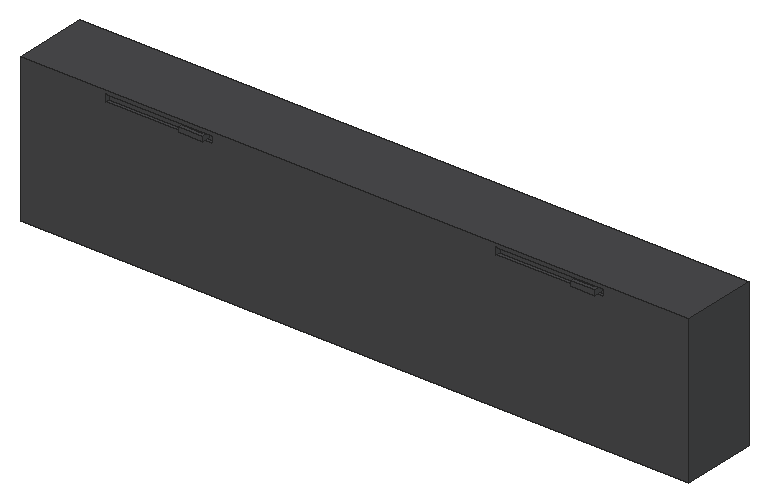
Revit family "DOT BLOCK CEILLING 328_DTSM15W3.1.15", category Luminarias, Revit 2019
Family settings
  Cota de conector redondo = Diámetro de uso
  Tipo de pieza = Normal
  Se basa en plano de trabajo = Sí
  Siempre vertical = Sí
  Corte con vacíos al cargar = No
  Origen de luz = Sí
  Compartido = No
  Punto de cálculo de habitación = No
Parameters (values of type "DOT BLOCK SURFACE 328_DM15W3.3.15")
  Ángulo de inclinación = 60.00°
  Zone [instance] = ""
  Watt per fixture = 15
  Wattage = 15 W
  built-in parameter 1150107 = 3000 (stored number, unit not read)
  built-in parameter 1150110 = 1 (stored number, unit not read)
  built-in parameter 1150109 = 1 (stored number, unit not read)
  built-in parameter 1150112 = 1 (stored number, unit not read)
  built-in parameter 1150113 = 1 (stored number, unit not read)
  built-in parameter 1114218 = 1 (stored number, unit not read)
  Keynote = ""
  built-in parameter 1150137 = (empty or 0)
  built-in parameter 1150132 = (empty or 0)
  Modelo = "DM15W3.3.15"
  Lámpara = "3030SMD PHILIPS"
  built-in parameter 1150105 = 6294.1 (stored number, unit not read)
  built-in parameter 1150102 = (empty or 0)
  built-in parameter 1150106 = 62.941 (stored number, unit not read)
  Lumens = 1290 lm
  Color Filter = 16777215
  built-in parameter 1114217 = 1 (stored number, unit not read)
  built-in parameter 1150139 = (empty or 0)
  Fabricante = "BRILLANT"
  Default Elevation = 1219.2 mm
  built-in parameter 1150104 = 7.9897 (stored number, unit not read)
  Descripción = "LUMINARIA DOWNLIGHT EN FORMATO RECTANGULAR PARA EMPOTRAR DIRECTO EN PLAFON, CUERPO DE ALUMINIO ACABADO EN COLOR NEGRO, IP 20, PESO 0.84Kg, TIPO DE LED 3030SMD PHILIPS CON 15W TOTAL, 1300 LUMENES, 86LM/W, IRC 90, TEMPERATURA EN BLANCO CALIDO 3000K, 50 MIL HORAS DE VIDA PROMEDIO, APERTURA DE 15 GRADOS POR PROYECTO, ALIMENTADO A 90-240V"
  built-in parameter 1150115 = 1 (stored number, unit not read)
  built-in parameter 1150114 = 1 (stored number, unit not read)
  Comentarios de vataje = "90-240V"
  built-in parameter 1150138 = (empty or 0)
  built-in parameter 1150134 = (empty or 0)
  Circuit [instance] = ""
  Dimming Lamp Color Temperature Shift = (empty or 0)
  Archivo de red fotométrica = "L328A-15W-830-B-15_IESNA95.IES"
  built-in parameter 1150133 = 10 (stored number, unit not read)
Reference planes
  plane 1 "Centro (Frontal/Posterior)": y = 0
  plane 2: z = 0
  plane 3 "Centro (Izquierda/Derecha)": x = 0
Forms (mm)
  Extrusion 1, solid, material "Default Form", not visible
    sketch origin (0, 0, 0) x (1, 0, 0) y (0, 0, 1)
      loop
        line (-473, 0) -> (-473, -72) -> (473, -72) -> (473, 0) -> (-473, 0)
    from -18.326 to 18.326
  Blend 2, void, not visible
    base sketch origin (-293.63, 0, 0) x (1, 0, 0) y (0, 1, 0)
      loop
        line (-162, 16.149) -> (-162, -16.149) -> (-144.14, -16.149) -> (-144.14, 16.149) -> (-162, 16.149)
    top sketch origin (-293.63, 0, 0) x (1, 0, 0) y (0, 1, 0)
      loop
        line (-160, 12.149) -> (-160, -12.149) -> (-146.14, -12.149) -> (-146.14, 12.149) -> (-160, 12.149)
    from -72 to -61.591
  Blend 3, void, not visible
    base sketch origin (-267.33, 0, 0) x (1, 0, 0) y (0, 1, 0)
      loop
        line (-162, 16.149) -> (-162, -16.149) -> (-144.14, -16.149) -> (-144.14, 16.149) -> (-162, 16.149)
    top sketch origin (-267.33, 0, 0) x (1, 0, 0) y (0, 1, 0)
      loop
        line (-160, 12.149) -> (-160, -12.149) -> (-146.14, -12.149) -> (-146.14, 12.149) -> (-160, 12.149)
    from -72 to -61.591
  Blend 4, void, not visible
    base sketch origin (-241.03, 0, 0) x (1, 0, 0) y (0, 1, 0)
      loop
        line (-162, 16.149) -> (-162, -16.149) -> (-144.14, -16.149) -> (-144.14, 16.149) -> (-162, 16.149)
    top sketch origin (-241.03, 0, 0) x (1, 0, 0) y (0, 1, 0)
      loop
        line (-160, 12.149) -> (-160, -12.149) -> (-146.14, -12.149) -> (-146.14, 12.149) -> (-160, 12.149)
    from -72 to -61.591
  Blend 5, void, not visible
    base sketch origin (-214.73, 0, 0) x (1, 0, 0) y (0, 1, 0)
      loop
        line (-162, 16.149) -> (-162, -16.149) -> (-144.14, -16.149) -> (-144.14, 16.149) -> (-162, 16.149)
    top sketch origin (-214.73, 0, 0) x (1, 0, 0) y (0, 1, 0)
      loop
        line (-160, 12.149) -> (-160, -12.149) -> (-146.14, -12.149) -> (-146.14, 12.149) -> (-160, 12.149)
    from -72 to -61.591
  Blend 6, void, not visible
    base sketch origin (-188.43, 0, 0) x (1, 0, 0) y (0, 1, 0)
      loop
        line (-162, 16.149) -> (-162, -16.149) -> (-144.14, -16.149) -> (-144.14, 16.149) -> (-162, 16.149)
    top sketch origin (-188.43, 0, 0) x (1, 0, 0) y (0, 1, 0)
      loop
        line (-160, 12.149) -> (-160, -12.149) -> (-146.14, -12.149) -> (-146.14, 12.149) -> (-160, 12.149)
    from -72 to -61.591
  Blend 7, void, not visible
    base sketch origin (-162.13, 0, 0) x (1, 0, 0) y (0, 1, 0)
      loop
        line (-162, 16.149) -> (-162, -16.149) -> (-144.14, -16.149) -> (-144.14, 16.149) -> (-162, 16.149)
    top sketch origin (-162.13, 0, 0) x (1, 0, 0) y (0, 1, 0)
      loop
        line (-160, 12.149) -> (-160, -12.149) -> (-146.14, -12.149) -> (-146.14, 12.149) -> (-160, 12.149)
    from -72 to -61.591
  Blend 8, void, not visible
    base sketch origin (-135.83, 0, 0) x (1, 0, 0) y (0, 1, 0)
      loop
        line (-162, 16.149) -> (-162, -16.149) -> (-144.14, -16.149) -> (-144.14, 16.149) -> (-162, 16.149)
    top sketch origin (-135.83, 0, 0) x (1, 0, 0) y (0, 1, 0)
      loop
        line (-160, 12.149) -> (-160, -12.149) -> (-146.14, -12.149) -> (-146.14, 12.149) -> (-160, 12.149)
    from -72 to -61.591
  Blend 9, void, not visible
    base sketch origin (-109.53, 0, 0) x (1, 0, 0) y (0, 1, 0)
      loop
        line (-162, 16.149) -> (-162, -16.149) -> (-144.14, -16.149) -> (-144.14, 16.149) -> (-162, 16.149)
    top sketch origin (-109.53, 0, 0) x (1, 0, 0) y (0, 1, 0)
      loop
        line (-160, 12.149) -> (-160, -12.149) -> (-146.14, -12.149) -> (-146.14, 12.149) -> (-160, 12.149)
    from -72 to -61.591
  Blend 10, void, not visible
    base sketch origin (-83.23, 0, 0) x (1, 0, 0) y (0, 1, 0)
      loop
        line (-162, 16.149) -> (-162, -16.149) -> (-144.14, -16.149) -> (-144.14, 16.149) -> (-162, 16.149)
    top sketch origin (-83.23, 0, 0) x (1, 0, 0) y (0, 1, 0)
      loop
        line (-160, 12.149) -> (-160, -12.149) -> (-146.14, -12.149) -> (-146.14, 12.149) -> (-160, 12.149)
    from -72 to -61.591
  Blend 11, void, not visible
    base sketch origin (-56.93, 0, 0) x (1, 0, 0) y (0, 1, 0)
      loop
        line (-162, 16.149) -> (-162, -16.149) -> (-144.14, -16.149) -> (-144.14, 16.149) -> (-162, 16.149)
    top sketch origin (-56.93, 0, 0) x (1, 0, 0) y (0, 1, 0)
      loop
        line (-160, 12.149) -> (-160, -12.149) -> (-146.14, -12.149) -> (-146.14, 12.149) -> (-160, 12.149)
    from -72 to -61.591
  Blend 12, void, not visible
    base sketch origin (-30.63, 0, 0) x (1, 0, 0) y (0, 1, 0)
      loop
        line (-162, 16.149) -> (-162, -16.149) -> (-144.14, -16.149) -> (-144.14, 16.149) -> (-162, 16.149)
    top sketch origin (-30.63, 0, 0) x (1, 0, 0) y (0, 1, 0)
      loop
        line (-160, 12.149) -> (-160, -12.149) -> (-146.14, -12.149) -> (-146.14, 12.149) -> (-160, 12.149)
    from -72 to -61.591
  Blend 13, void, not visible
    base sketch origin (-4.33, 0, 0) x (1, 0, 0) y (0, 1, 0)
      loop
        line (-162, 16.149) -> (-162, -16.149) -> (-144.14, -16.149) -> (-144.14, 16.149) -> (-162, 16.149)
    top sketch origin (-4.33, 0, 0) x (1, 0, 0) y (0, 1, 0)
      loop
        line (-160, 12.149) -> (-160, -12.149) -> (-146.14, -12.149) -> (-146.14, 12.149) -> (-160, 12.149)
    from -72 to -61.591
  Blend 14, void, not visible
    base sketch origin (21.97, 0, 0) x (1, 0, 0) y (0, 1, 0)
      loop
        line (-162, 16.149) -> (-162, -16.149) -> (-144.14, -16.149) -> (-144.14, 16.149) -> (-162, 16.149)
    top sketch origin (21.97, 0, 0) x (1, 0, 0) y (0, 1, 0)
      loop
        line (-160, 12.149) -> (-160, -12.149) -> (-146.14, -12.149) -> (-146.14, 12.149) -> (-160, 12.149)
    from -72 to -61.591
  Blend 15, void, not visible
    base sketch origin (48.27, 0, 0) x (1, 0, 0) y (0, 1, 0)
      loop
        line (-162, 16.149) -> (-162, -16.149) -> (-144.14, -16.149) -> (-144.14, 16.149) -> (-162, 16.149)
    top sketch origin (48.27, 0, 0) x (1, 0, 0) y (0, 1, 0)
      loop
        line (-160, 12.149) -> (-160, -12.149) -> (-146.14, -12.149) -> (-146.14, 12.149) -> (-160, 12.149)
    from -72 to -61.591
  Blend 16, void, not visible
    base sketch origin (74.57, 0, 0) x (1, 0, 0) y (0, 1, 0)
      loop
        line (-162, 16.149) -> (-162, -16.149) -> (-144.14, -16.149) -> (-144.14, 16.149) -> (-162, 16.149)
    top sketch origin (74.57, 0, 0) x (1, 0, 0) y (0, 1, 0)
      loop
        line (-160, 12.149) -> (-160, -12.149) -> (-146.14, -12.149) -> (-146.14, 12.149) -> (-160, 12.149)
    from -72 to -61.591
  Blend 17, void, not visible
    base sketch origin (100.87, 0, 0) x (1, 0, 0) y (0, 1, 0)
      loop
        line (-162, 16.149) -> (-162, -16.149) -> (-144.14, -16.149) -> (-144.14, 16.149) -> (-162, 16.149)
    top sketch origin (100.87, 0, 0) x (1, 0, 0) y (0, 1, 0)
      loop
        line (-160, 12.149) -> (-160, -12.149) -> (-146.14, -12.149) -> (-146.14, 12.149) -> (-160, 12.149)
    from -72 to -61.591
  Blend 18, void, not visible
    base sketch origin (127.17, 0, 0) x (1, 0, 0) y (0, 1, 0)
      loop
        line (-162, 16.149) -> (-162, -16.149) -> (-144.14, -16.149) -> (-144.14, 16.149) -> (-162, 16.149)
    top sketch origin (127.17, 0, 0) x (1, 0, 0) y (0, 1, 0)
      loop
        line (-160, 12.149) -> (-160, -12.149) -> (-146.14, -12.149) -> (-146.14, 12.149) -> (-160, 12.149)
    from -72 to -61.591
  Blend 19, void, not visible
    base sketch origin (153.47, 0, 0) x (1, 0, 0) y (0, 1, 0)
      loop
        line (-162, 16.149) -> (-162, -16.149) -> (-144.14, -16.149) -> (-144.14, 16.149) -> (-162, 16.149)
    top sketch origin (153.47, 0, 0) x (1, 0, 0) y (0, 1, 0)
      loop
        line (-160, 12.149) -> (-160, -12.149) -> (-146.14, -12.149) -> (-146.14, 12.149) -> (-160, 12.149)
    from -72 to -61.591
  Blend 20, void, not visible
    base sketch origin (179.77, 0, 0) x (1, 0, 0) y (0, 1, 0)
      loop
        line (-162, 16.149) -> (-162, -16.149) -> (-144.14, -16.149) -> (-144.14, 16.149) -> (-162, 16.149)
    top sketch origin (179.77, 0, 0) x (1, 0, 0) y (0, 1, 0)
      loop
        line (-160, 12.149) -> (-160, -12.149) -> (-146.14, -12.149) -> (-146.14, 12.149) -> (-160, 12.149)
    from -72 to -61.591
  Blend 21, void, not visible
    base sketch origin (206.07, 0, 0) x (1, 0, 0) y (0, 1, 0)
      loop
        line (-162, 16.149) -> (-162, -16.149) -> (-144.14, -16.149) -> (-144.14, 16.149) -> (-162, 16.149)
    top sketch origin (206.07, 0, 0) x (1, 0, 0) y (0, 1, 0)
      loop
        line (-160, 12.149) -> (-160, -12.149) -> (-146.14, -12.149) -> (-146.14, 12.149) -> (-160, 12.149)
    from -72 to -61.591
  Blend 22, void, not visible
    base sketch origin (232.37, 0, 0) x (1, 0, 0) y (0, 1, 0)
      loop
        line (-162, 16.149) -> (-162, -16.149) -> (-144.14, -16.149) -> (-144.14, 16.149) -> (-162, 16.149)
    top sketch origin (232.37, 0, 0) x (1, 0, 0) y (0, 1, 0)
      loop
        line (-160, 12.149) -> (-160, -12.149) -> (-146.14, -12.149) -> (-146.14, 12.149) -> (-160, 12.149)
    from -72 to -61.591
  Blend 23, void, not visible
    base sketch origin (258.67, 0, 0) x (1, 0, 0) y (0, 1, 0)
      loop
        line (-162, 16.149) -> (-162, -16.149) -> (-144.14, -16.149) -> (-144.14, 16.149) -> (-162, 16.149)
    top sketch origin (258.67, 0, 0) x (1, 0, 0) y (0, 1, 0)
      loop
        line (-160, 12.149) -> (-160, -12.149) -> (-146.14, -12.149) -> (-146.14, 12.149) -> (-160, 12.149)
    from -72 to -61.591
  Blend 24, void, not visible
    base sketch origin (284.97, 0, 0) x (1, 0, 0) y (0, 1, 0)
      loop
        line (-162, 16.149) -> (-162, -16.149) -> (-144.14, -16.149) -> (-144.14, 16.149) -> (-162, 16.149)
    top sketch origin (284.97, 0, 0) x (1, 0, 0) y (0, 1, 0)
      loop
        line (-160, 12.149) -> (-160, -12.149) -> (-146.14, -12.149) -> (-146.14, 12.149) -> (-160, 12.149)
    from -72 to -61.591
  Blend 25, void, not visible
    base sketch origin (311.27, 0, 0) x (1, 0, 0) y (0, 1, 0)
      loop
        line (-162, 16.149) -> (-162, -16.149) -> (-144.14, -16.149) -> (-144.14, 16.149) -> (-162, 16.149)
    top sketch origin (311.27, 0, 0) x (1, 0, 0) y (0, 1, 0)
      loop
        line (-160, 12.149) -> (-160, -12.149) -> (-146.14, -12.149) -> (-146.14, 12.149) -> (-160, 12.149)
    from -72 to -61.591
  Blend 26, void, not visible
    base sketch origin (337.57, 0, 0) x (1, 0, 0) y (0, 1, 0)
      loop
        line (-162, 16.149) -> (-162, -16.149) -> (-144.14, -16.149) -> (-144.14, 16.149) -> (-162, 16.149)
    top sketch origin (337.57, 0, 0) x (1, 0, 0) y (0, 1, 0)
      loop
        line (-160, 12.149) -> (-160, -12.149) -> (-146.14, -12.149) -> (-146.14, 12.149) -> (-160, 12.149)
    from -72 to -61.591
  Blend 27, void, not visible
    base sketch origin (363.87, 0, 0) x (1, 0, 0) y (0, 1, 0)
      loop
        line (-162, 16.149) -> (-162, -16.149) -> (-144.14, -16.149) -> (-144.14, 16.149) -> (-162, 16.149)
    top sketch origin (363.87, 0, 0) x (1, 0, 0) y (0, 1, 0)
      loop
        line (-160, 12.149) -> (-160, -12.149) -> (-146.14, -12.149) -> (-146.14, 12.149) -> (-160, 12.149)
    from -72 to -61.591
  Blend 28, void, not visible
    base sketch origin (390.17, 0, 0) x (1, 0, 0) y (0, 1, 0)
      loop
        line (-162, 16.149) -> (-162, -16.149) -> (-144.14, -16.149) -> (-144.14, 16.149) -> (-162, 16.149)
    top sketch origin (390.17, 0, 0) x (1, 0, 0) y (0, 1, 0)
      loop
        line (-160, 12.149) -> (-160, -12.149) -> (-146.14, -12.149) -> (-146.14, 12.149) -> (-160, 12.149)
    from -72 to -61.591
  Blend 29, void, not visible
    base sketch origin (416.47, 0, 0) x (1, 0, 0) y (0, 1, 0)
      loop
        line (-162, 16.149) -> (-162, -16.149) -> (-144.14, -16.149) -> (-144.14, 16.149) -> (-162, 16.149)
    top sketch origin (416.47, 0, 0) x (1, 0, 0) y (0, 1, 0)
      loop
        line (-160, 12.149) -> (-160, -12.149) -> (-146.14, -12.149) -> (-146.14, 12.149) -> (-160, 12.149)
    from -72 to -61.591
  Blend 30, void, not visible
    base sketch origin (442.77, 0, 0) x (1, 0, 0) y (0, 1, 0)
      loop
        line (-162, 16.149) -> (-162, -16.149) -> (-144.14, -16.149) -> (-144.14, 16.149) -> (-162, 16.149)
    top sketch origin (442.77, 0, 0) x (1, 0, 0) y (0, 1, 0)
      loop
        line (-160, 12.149) -> (-160, -12.149) -> (-146.14, -12.149) -> (-146.14, 12.149) -> (-160, 12.149)
    from -72 to -61.591
  Blend 31, void, not visible
    base sketch origin (469.07, 0, 0) x (1, 0, 0) y (0, 1, 0)
      loop
        line (-162, 16.149) -> (-162, -16.149) -> (-144.14, -16.149) -> (-144.14, 16.149) -> (-162, 16.149)
    top sketch origin (469.07, 0, 0) x (1, 0, 0) y (0, 1, 0)
      loop
        line (-160, 12.149) -> (-160, -12.149) -> (-146.14, -12.149) -> (-146.14, 12.149) -> (-160, 12.149)
    from -72 to -61.591
  Blend 32, void, not visible
    base sketch origin (495.37, 0, 0) x (1, 0, 0) y (0, 1, 0)
      loop
        line (-162, 16.149) -> (-162, -16.149) -> (-144.14, -16.149) -> (-144.14, 16.149) -> (-162, 16.149)
    top sketch origin (495.37, 0, 0) x (1, 0, 0) y (0, 1, 0)
      loop
        line (-160, 12.149) -> (-160, -12.149) -> (-146.14, -12.149) -> (-146.14, 12.149) -> (-160, 12.149)
    from -72 to -61.591
  Blend 33, void, not visible
    base sketch origin (521.67, 0, 0) x (1, 0, 0) y (0, 1, 0)
      loop
        line (-162, 16.149) -> (-162, -16.149) -> (-144.14, -16.149) -> (-144.14, 16.149) -> (-162, 16.149)
    top sketch origin (521.67, 0, 0) x (1, 0, 0) y (0, 1, 0)
      loop
        line (-160, 12.149) -> (-160, -12.149) -> (-146.14, -12.149) -> (-146.14, 12.149) -> (-160, 12.149)
    from -72 to -61.591
  Blend 34, void, not visible
    base sketch origin (547.97, 0, 0) x (1, 0, 0) y (0, 1, 0)
      loop
        line (-162, 16.149) -> (-162, -16.149) -> (-144.14, -16.149) -> (-144.14, 16.149) -> (-162, 16.149)
    top sketch origin (547.97, 0, 0) x (1, 0, 0) y (0, 1, 0)
      loop
        line (-160, 12.149) -> (-160, -12.149) -> (-146.14, -12.149) -> (-146.14, 12.149) -> (-160, 12.149)
    from -72 to -61.591
  Blend 35, void, not visible
    base sketch origin (574.27, 0, 0) x (1, 0, 0) y (0, 1, 0)
      loop
        line (-162, 16.149) -> (-162, -16.149) -> (-144.14, -16.149) -> (-144.14, 16.149) -> (-162, 16.149)
    top sketch origin (574.27, 0, 0) x (1, 0, 0) y (0, 1, 0)
      loop
        line (-160, 12.149) -> (-160, -12.149) -> (-146.14, -12.149) -> (-146.14, 12.149) -> (-160, 12.149)
    from -72 to -61.591
  Blend 36, void, not visible
    base sketch origin (600.57, 0, 0) x (1, 0, 0) y (0, 1, 0)
      loop
        line (-162, 16.149) -> (-162, -16.149) -> (-144.14, -16.149) -> (-144.14, 16.149) -> (-162, 16.149)
    top sketch origin (600.57, 0, 0) x (1, 0, 0) y (0, 1, 0)
      loop
        line (-160, 12.149) -> (-160, -12.149) -> (-146.14, -12.149) -> (-146.14, 12.149) -> (-160, 12.149)
    from -72 to -61.591
  Extrusion 37, solid, not visible
    sketch origin (-463.861, 0, 3.217) x (0, -1, 0) y (0, 0, -1)
      loop
        line (18.326, 3.217) -> (-18.326, 3.217) -> (-18.326, 73.917) -> (-32.183, 73.917) -> (-32.183, 72.617) -> (-19.626, 72.617) -> (-19.626, 1.917) -> (19.626, 1.917) -> (19.626, 72.617) -> (32.183, 72.617) -> (32.183, 73.917) -> (18.326, 73.917) -> (18.326, 3.217)
    from 89.098 to 128.24
  Extrusion 38, solid, not visible
    sketch origin (-246.523, 0, 3.217) x (0, -1, 0) y (0, 0, 1)
      loop
        line (-19.626, -1.917) -> (19.626, -1.917) -> (19.626, -63.89) -> (20.426, -63.89) -> (20.426, -1.117) -> (-20.426, -1.117) -> (-20.426, -63.89) -> (-19.626, -63.89) -> (-19.626, -1.917)
    from 122.954 to 124.098
  Extrusion 39, solid, not visible
    sketch origin (-463.861, 0, 3.217) x (0, -1, 0) y (0, 0, -1)
      loop
        line (-19.626, 1.917) -> (-19.626, 63.89) -> (-20.426, 63.89) -> (-20.426, 1.117) -> (20.426, 1.117) -> (20.426, 63.89) -> (19.626, 63.89) -> (19.626, 1.917) -> (-19.626, 1.917)
    from 122.954 to 124.098
  Extrusion 40, void, not visible
    sketch origin (0, 0, 0) x (1, 0, 0) y (0, 1, 0)
      loop
        circle (-363.799, -25.904) r 2.055
      loop
        circle (-346.585, -25.904) r 2.055
      loop
        circle (-363.799, 25.904) r 2.055
      loop
        circle (-346.585, 25.904) r 2.055
    from -70.7 to -69.4
  Blend 41, void
    base sketch origin (74.57, 130.851, 72) x (1, 0, 0) y (0, 1, 0)
      loop
        line (-162, -147) -> (-144.14, -147) -> (-144.14, -114.702) -> (-162, -114.702) -> (-162, -147)
    top sketch origin (74.57, 130.851, 72) x (1, 0, 0) y (0, 1, 0)
      loop
        line (-160, -143) -> (-146.14, -143) -> (-146.14, -118.702) -> (-160, -118.702) -> (-160, -143)
    from -72 to -61.591
  Blend 42, void
    base sketch origin (100.87, 130.851, 72) x (1, 0, 0) y (0, 1, 0)
      loop
        line (-162, -147) -> (-144.14, -147) -> (-144.14, -114.702) -> (-162, -114.702) -> (-162, -147)
    top sketch origin (100.87, 130.851, 72) x (1, 0, 0) y (0, 1, 0)
      loop
        line (-160, -143) -> (-146.14, -143) -> (-146.14, -118.702) -> (-160, -118.702) -> (-160, -143)
    from -72 to -61.591
  Blend 43, void
    base sketch origin (127.17, 130.851, 72) x (1, 0, 0) y (0, 1, 0)
      loop
        line (-162, -147) -> (-144.14, -147) -> (-144.14, -114.702) -> (-162, -114.702) -> (-162, -147)
    top sketch origin (127.17, 130.851, 72) x (1, 0, 0) y (0, 1, 0)
      loop
        line (-160, -143) -> (-146.14, -143) -> (-146.14, -118.702) -> (-160, -118.702) -> (-160, -143)
    from -72 to -61.591
  Blend 44, void
    base sketch origin (153.47, 130.851, 72) x (1, 0, 0) y (0, 1, 0)
      loop
        line (-162, -147) -> (-144.14, -147) -> (-144.14, -114.702) -> (-162, -114.702) -> (-162, -147)
    top sketch origin (153.47, 130.851, 72) x (1, 0, 0) y (0, 1, 0)
      loop
        line (-160, -143) -> (-146.14, -143) -> (-146.14, -118.702) -> (-160, -118.702) -> (-160, -143)
    from -72 to -61.591
  Blend 45, void
    base sketch origin (179.77, 130.851, 72) x (1, 0, 0) y (0, 1, 0)
      loop
        line (-162, -147) -> (-144.14, -147) -> (-144.14, -114.702) -> (-162, -114.702) -> (-162, -147)
    top sketch origin (179.77, 130.851, 72) x (1, 0, 0) y (0, 1, 0)
      loop
        line (-160, -143) -> (-146.14, -143) -> (-146.14, -118.702) -> (-160, -118.702) -> (-160, -143)
    from -72 to -61.591
  Blend 46, void
    base sketch origin (206.07, 130.851, 72) x (1, 0, 0) y (0, 1, 0)
      loop
        line (-162, -147) -> (-144.14, -147) -> (-144.14, -114.702) -> (-162, -114.702) -> (-162, -147)
    top sketch origin (206.07, 130.851, 72) x (1, 0, 0) y (0, 1, 0)
      loop
        line (-160, -143) -> (-146.14, -143) -> (-146.14, -118.702) -> (-160, -118.702) -> (-160, -143)
    from -72 to -61.591
  Blend 47, void
    base sketch origin (232.37, 130.851, 72) x (1, 0, 0) y (0, 1, 0)
      loop
        line (-162, -147) -> (-144.14, -147) -> (-144.14, -114.702) -> (-162, -114.702) -> (-162, -147)
    top sketch origin (232.37, 130.851, 72) x (1, 0, 0) y (0, 1, 0)
      loop
        line (-160, -143) -> (-146.14, -143) -> (-146.14, -118.702) -> (-160, -118.702) -> (-160, -143)
    from -72 to -61.591
  Extrusion 48, solid, material "Default Form"
    sketch origin (0, 0, 72) x (1, 0, 0) y (0, 0, -1)
      loop
        line (-164, 0) -> (164, 0) -> (164, 72) -> (-164, 72) -> (-164, 0)
    from -18.326 to 18.326
  Blend 49, void
    base sketch origin (258.67, 130.851, 72) x (1, 0, 0) y (0, 1, 0)
      loop
        line (-162, -147) -> (-144.14, -147) -> (-144.14, -114.702) -> (-162, -114.702) -> (-162, -147)
    top sketch origin (258.67, 130.851, 72) x (1, 0, 0) y (0, 1, 0)
      loop
        line (-160, -143) -> (-146.14, -143) -> (-146.14, -118.702) -> (-160, -118.702) -> (-160, -143)
    from -72 to -61.591
  Blend 50, void
    base sketch origin (284.97, 130.851, 72) x (1, 0, 0) y (0, 1, 0)
      loop
        line (-162, -147) -> (-144.14, -147) -> (-144.14, -114.702) -> (-162, -114.702) -> (-162, -147)
    top sketch origin (284.97, 130.851, 72) x (1, 0, 0) y (0, 1, 0)
      loop
        line (-160, -143) -> (-146.14, -143) -> (-146.14, -118.702) -> (-160, -118.702) -> (-160, -143)
    from -72 to -61.591
  Blend 51, void
    base sketch origin (21.97, 130.851, 72) x (1, 0, 0) y (0, 1, 0)
      loop
        line (-162, -147) -> (-144.14, -147) -> (-144.14, -114.702) -> (-162, -114.702) -> (-162, -147)
    top sketch origin (21.97, 130.851, 72) x (1, 0, 0) y (0, 1, 0)
      loop
        line (-160, -143) -> (-146.14, -143) -> (-146.14, -118.702) -> (-160, -118.702) -> (-160, -143)
    from -72 to -61.591
  Blend 52, void
    base sketch origin (48.27, 130.851, 72) x (1, 0, 0) y (0, 1, 0)
      loop
        line (-162, -147) -> (-144.14, -147) -> (-144.14, -114.702) -> (-162, -114.702) -> (-162, -147)
    top sketch origin (48.27, 130.851, 72) x (1, 0, 0) y (0, 1, 0)
      loop
        line (-160, -143) -> (-146.14, -143) -> (-146.14, -118.702) -> (-160, -118.702) -> (-160, -143)
    from -72 to -61.591
  Extrusion 53, void
    sketch origin (0, 0, 0) x (1, 0, 0) y (0, 1, 0)
      loop
        line (-122.17, -18.326) -> (-69.57, -18.326) -> (-69.57, -16.149) -> (-122.17, -16.149) -> (-122.17, -18.326)
      loop
        line (122.17, -18.326) -> (122.17, -16.149) -> (69.57, -16.149) -> (69.57, -18.326) -> (122.17, -18.326)
      loop
        line (-122.17, 18.326) -> (-122.17, 16.149) -> (-69.57, 16.149) -> (-69.57, 18.326) -> (-122.17, 18.326)
      loop
        line (122.17, 18.326) -> (69.57, 18.326) -> (69.57, 16.149) -> (122.17, 16.149) -> (122.17, 18.326)
    from 66.852 to 70.535
  Extrusion 54, solid, material "Default Form"
    sketch origin (0, 0, 0) x (1, 0, 0) y (0, 1, 0)
      loop
        line (-73.041, -16.149) -> (-74.374, -16.149) -> (-74.374, -18.326) -> (-84.875, -18.326) -> (-84.875, -20.238) -> (-73.041, -20.238) -> (-73.041, -16.149)
      loop
        line (119.435, -16.149) -> (118.101, -16.149) -> (118.101, -18.326) -> (107.601, -18.326) -> (107.601, -20.238) -> (119.435, -20.238) -> (119.435, -16.149)
      loop
        line (-73.041, 16.149) -> (-73.041, 20.238) -> (-84.875, 20.238) -> (-84.875, 18.326) -> (-74.374, 18.326) -> (-74.374, 16.149) -> (-73.041, 16.149)
      loop
        line (119.435, 16.149) -> (119.435, 20.238) -> (107.601, 20.238) -> (107.601, 18.326) -> (118.101, 18.326) -> (118.101, 16.149) -> (119.435, 16.149)
    from 67.466 to 69.773
Cuts and joins
  Blend 41, Blend 42, Blend 43, Blend 44, Blend 45, Blend 46, Blend 47, Blend 49, Blend 50, Blend 51, Blend 52, Extrusion 53 cuts Extrusion 48
Dimensions and locks
  cut or joined group 1 (Blend 41, Blend 42, Blend 43, Blend 44, Blend 45, Blend 46, Blend 47, Extrusion 48, Blend 49, Blend 50, Blend 51, Blend 52, Extrusion 53) to cut or joined group 1 = 72 mm  (x2)
  cut or joined group 1 to cut or joined group 1 = 36.651 mm
  cut or joined group 1 to cut or joined group 1 = 328 mm
  aligned and locked: level to plane 2
Connectors
  electrical at (0, 0, 72)
    settings: on cut or joined group 1, index 1, voltage 0 V, apparent load 0 VA, apparent load phase1 0 VA, apparent load phase2 0 VA, apparent load phase3 0 VA, power factor 1, load classification "Otro", number of poles 1, system type 31, power factor state 1, is connector primary yes, connector utility no, sub classification motor no, connector description ""
